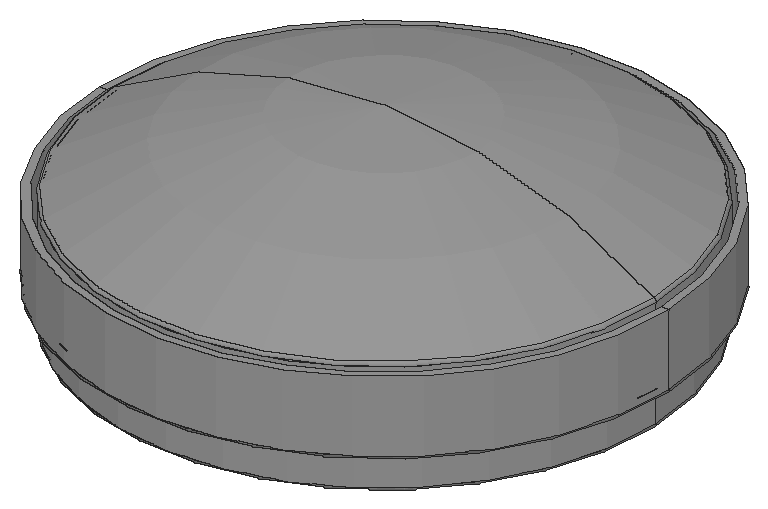
Revit family "3034774 Sylvania Lighting Fixture GIOTTO305 LED G2 4000K RECESSED MW ", category Lighting Fixtures, host Face, Revit 2016
Family settings
  Host = Face
  Part Type = Normal
  Round Connector Dimension = Use Diameter
  OmniClass Number = 23.80.70.00
  OmniClass Title = Lighting
  Cut with Voids When Loaded = No
  Light Source = Yes
  Shared = No
  Room Calculation Point = No
Parameters (values of type "3034774 GIOTTO305 LED G2 4000K RECESSED MW ")
  Weight = "1.11 kg"
  Wattage Comments = ""
  Wattage = 19 W
  WarrantyStartDate [instance] = "n/a"
  WarrantyGuarantorParts = "n/a"
  WarrantyDurationUnit = "n/a"
  WarrantyDurationParts = "n/a"
  WarrantyDescription = "n/a"
  built-in parameter 1150110 = 1 (stored number, unit not read)
  Voltage = 0 V
  URL = "http://www.sylvania-lighting.com"
  TypeName = "GIOTTO305 LED G2 4000K RECESSED MW"
  Type Image = <None>
  Type Comments = "n/a"
  built-in parameter 1114217 = 1 (stored number, unit not read)
  Tilt Angle = -90.00°
  built-in parameter 1150109 = 1 (stored number, unit not read)
  built-in parameter 1150134 = 12
  built-in parameter 1150113 = 1 (stored number, unit not read)
  SerialNumber [instance] = "n/a"
  Photometric Web File = "3034774.ies"
  Material_3_SYL = LED-Sylvania
  PowerFactor = 0
  PowerConsumption = "19 W"
  NominalLength = 305 mm
  NominalHeight = 104 mm
  NominalDepth = 305 mm
  Name = "GIOTTO305 LED G2 4000K RECESSED MW"
  ModelReference = Name  # "GIOTTO305 LED G2 4000K RECESSED MW"
  ModelNumber = "3034774"
  Model = Name  # "GIOTTO305 LED G2 4000K RECESSED MW"
  Material = "polycarbonate housing, polycarbonate diffuser"
  ManufacturerName = "Feilo Sylvania"
  Manufacturer = "Feilo Sylvania"
  LuminousEfficacy = "89 lm/W"
  built-in parameter 1150105 = 134.57 (stored number, unit not read)
  Lumens = 1691 lm
  LuminaireType = ""
  built-in parameter 1150115 = 1 (stored number, unit not read)
  LightOutputRatio = "n/a"
  built-in parameter 1150137 = (empty or 0)
  built-in parameter 1150139 = (empty or 0)
  LampsType = Lamp  # "LED"
  LampNominalLuminous = "1690 lm"
  LampMacAdamStep = "n/a"
  LampColourTemperature = "4000 K"
  LampColourRenderingIndex = "80"
  built-in parameter 1150112 = 1 (stored number, unit not read)
  built-in parameter 1150114 = 1 (stored number, unit not read)
  Lamp = "LED"
  Keynote = "16500"
  InstallationDate [instance] = "n/a"
  InputVoltage = "n/a"
  InputNominalFrequency = "n/a"
  built-in parameter 1150132 = (empty or 0)
  built-in parameter 1150102 = (empty or 0)
  built-in parameter 1150107 = 4000 (stored number, unit not read)
  built-in parameter 1150138 = (empty or 0)
  IngressProtection = "IP44"
  ImpactProtectionIndex = "IK10"
  built-in parameter 1150106 = 1.3457 (stored number, unit not read)
  IfcExportType = "IfcLightFixtureType"
  IfcExportAs = "IfcLightFixtureType"
  Height_SYL = 104 mm
  ExpectedLife = 50000
  Emit from Circle Diameter = 317 mm
  Emit Shape Visible in Rendering = no
  ElectricShockClassification = "Class I"
  built-in parameter 1150104 = 8.2684 (stored number, unit not read)
  DurationUnit = "hours"
  DocumentationLiterature = "http://www.sylvania-lighting.com/product/en-int/products/3034774"
  DimmingControlOptions = "n/a"
  Material_2_SYL = Polycarbonate_Sylvania_Giotto_Opal
  Dimming Lamp Color Temperature Shift = <None>
  DiffuserRadius_SYL = 282.611 mm
  Diameter_SYL = 305 mm
  Description = "Ambient and decorative round, recessed mounted LED bulkhead luminaire. White robust polycarbonate body with opal diffuser, 1690 lm, 19W, 89lm/W, 4000K, CRI 80, non-dimmable, integral microwave sensor. 50,000 hours lumen maintenance. Drive current: 700mA, IP44, IK10, Class I, 220-240V, Energy class: A++, A+, A."
  Default Elevation = 1219.2 mm
  CreatedOn = "11/7/2018"
  CreatedBy = "@sylvania-lighting.com"
  Cost = 0
  Color Filter = 16777215
  built-in parameter 1114216 [instance] = (empty or 0)
  ClassificationValue = "EF_70_80"
  ClassificationName = "Uniclass2015"
  Material_1_SYL = Polycarbonate_Sylvania_Giotto_White
  BarCode [instance] = "n/a"
  built-in parameter 1114218 = 1 (stored number, unit not read)
  built-in parameter 1150133 = 10 (stored number, unit not read)
  AssetType = "Fixed"
  AssetIdentifier [instance] = "n/a"
  Assembly Code = "D5020200"
  Apparent Load = 19 VA
  Material_4_SYL = none
Reference planes
  plane 1 "Center (Front/Back)": y = 0
  plane 2: z = 0
  plane 3 "Center (Left/Right)": x = 0
  plane 4: x = 152.5
  plane 5: x = -152.5
  plane 6: x = -145.5
  plane 7: x = -148.5
  plane 8: z = 104
  plane 9: z = 59
  plane 10: z = 19
  plane 11: z = 24
  plane 12: x = -150.9
  plane 13: z = 20.6
  plane 14: z = 1.6
  plane 15: x = -143.9
  plane 16: z = 18
  plane 17: x = -146.5
  plane 18: z = 25
  plane 19: z = 61
Forms (mm)
  Revolve 1, solid, material "Polycarbonate_Sylvania_Giotto_White" <- "Material_1_SYL"
    sketch origin (0, 0, 0) x (1, 0, 0) y (0, 0, 1)
      loop
        line (0, 0) -> (0, 25) -> (-143.9, 25) -> (-143.9, 24) -> (-148.5, 24) -> (-148.5, 59) -> (-152.5, 59) -> (-152.5, 20.6)
        arc (-152.5, 20.6) -> (-152.031, 19.469) -> (-150.9, 19) r 1.6
        line (-150.9, 19) -> (-146.5, 19)
        arc (-146.5, 19) -> (-145.793, 18.707) -> (-145.5, 18) r 1
        line (-145.5, 18) -> (-145.5, 1.6)
        arc (-145.5, 1.6) -> (-145.031, 0.469) -> (-143.9, 0) r 1.6
        line (-143.9, 0) -> (0, 0)
      axis (0, 59) -> (0, 0)
    angle from 360 to 0
  Revolve 2, solid, material "Polycarbonate_Sylvania_Giotto_Opal" <- "Material_2_SYL"
    sketch origin (0, 0, 0) x (1, 0, 0) y (0, 0, 1)
      loop
        line (-145.5, 24) -> (-143.9, 24) -> (-143.9, 59.636)
        arc (-143.9, 59.636) -> (-143.79, 60.068) -> (-143.485, 60.394) r 0.9
        arc (-143.485, 60.394) -> (-74.754, 91.683) -> (0, 102.4) r 266.066
        line (0, 102.4) -> (0, 104)
        arc (0, 104) -> (-75.203, 93.218) -> (-144.348, 61.742) r 267.666
        arc (-144.348, 61.742) -> (-145.193, 60.836) -> (-145.5, 59.636) r 2.5
        line (-145.5, 59.636) -> (-145.5, 24)
      axis (0, 104) -> (0, 24)
    angle from 360 to 0
Dimensions and locks
  equal spacing: plane 4, plane 3 "Center (Left/Right)", plane 5
  "Diameter_SYL": plane 4 to plane 5
  locked: plane 6 to plane 5 at 7
  locked: plane 7 to plane 5 at 4
  "Height_SYL": plane 8 to plane 2
  locked: plane 8 to plane 9 at 45
  locked: plane 9 to plane 10 at 40
  Revolve 1 sketch curve to Revolve 1 sketch curve = 4.4 mm
  locked: plane 11 to plane 10 at 5
  locked: plane 12 to plane 5 at 1.6
  locked: plane 13 to plane 10 at 1.6
  locked: plane 14 to plane 2 at 1.6
  locked: plane 15 to plane 6 at 1.6
  locked: plane 6 to plane 17 at 1
  locked: plane 10 to plane 16 at 1
  locked: plane 18 to plane 11 at 1
  locked: plane 19 to plane 9 at 2
  aligned and locked: plane 2 to host face
  aligned and locked: level to host face
  aligned and locked: Revolve 1 sketch curve to plane 3 "Center (Left/Right)"
  aligned and locked: level to Revolve 1 sketch curve
  aligned and locked: Revolve 1 sketch curve to plane 10
  aligned and locked: plane 9 to Revolve 1 sketch curve
  aligned and locked: Revolve 1 sketch curve to plane 7
  aligned and locked: plane 12 to Revolve 1 sketch curve  (x2)
  aligned and locked: plane 13 to Revolve 1 sketch curve  (x2)
  aligned and locked: plane 15 to Revolve 1 sketch curve  (x3)
  aligned and locked: plane 14 to Revolve 1 sketch curve  (x2)
  aligned and locked: plane 3 "Center (Left/Right)" to imposter light
  aligned and locked: imposter light to plane 1 "Center (Front/Back)"
  aligned and locked: plane 18 to Revolve 1 sketch curve
  aligned and locked: plane 11 to Revolve 1 sketch curve
  aligned and locked: imposter light to plane 8
  aligned and locked: plane 6 to Revolve 1 sketch curve
  aligned and locked: plane 17 to Revolve 1 sketch curve
  aligned and locked: plane 16 to Revolve 1 sketch curve
  aligned and locked: Revolve 2 sketch curve to plane 3 "Center (Left/Right)"
  aligned and locked: plane 6 to Revolve 2 sketch curve
  aligned and locked: plane 3 "Center (Left/Right)" to Revolve 2 sketch curve
  aligned and locked: plane 11 to Revolve 2 sketch curve
  aligned and locked: Revolve 2 sketch curve to imposter light
Automatic sketch dimensions
  host sketch curve to host sketch curve = 2438.4 mm  (x2)
  Revolve 1 sketch curve to plane 3 "Center (Left/Right)" = 0 mm
  Revolve 1 sketch curve to level = 609.6 mm
  Revolve 1 sketch curve to plane 8 = 2499.058 mm
  Revolve 2 sketch curve to Revolve 2 sketch curve = 0 mm  (x4)
  Revolve 2 sketch curve to plane 15 = 0 mm
  Revolve 2 sketch curve to plane 8 = 0 mm
  plane 15 to Revolve 2 sketch curve = 0.9 mm
  Revolve 2 sketch curve to level = 163.666 mm
  Revolve 2 sketch curve to plane 9 = 0.636 mm
  Revolve 2 sketch curve to Revolve 2 sketch curve = 445.934 mm
  Revolve 2 sketch curve to plane 8 = 2505.058 mm
Connectors
  electrical at (0, 0, 0), driven by "Apparent Load", driven by "PowerFactor", driven by "Voltage"
    settings: index 1, voltage 0 V, apparent load 19 VA, apparent load phase1 0 VA, apparent load phase2 0 VA, apparent load phase3 0 VA, power factor 0, load classification "Lighting", number of poles 1, system type 30, power factor state 1, is connector primary yes, connector utility no, sub classification motor no, connector description ""
